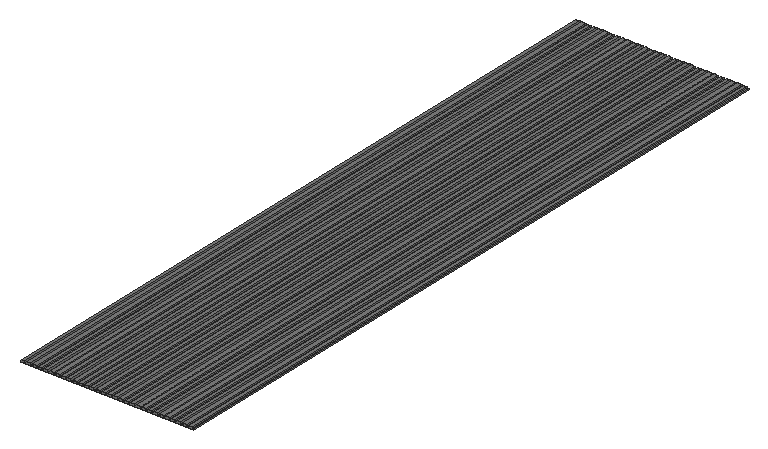
Revit family "111213072021710", category Modelos genéricos, Revit 2018
Family settings
  Puede alojar armadura = No
  Cota de conector redondo = Diámetro de uso
  Tipo de pieza = Normal
  Se basa en plano de trabajo = No
  Siempre vertical = No
  Corte con vacíos al cargar = No
  Compartido = No
  Punto de cálculo de habitación = No
Parameters (values of type "DESCANSO TITAN PVC 300MM GRIS OSCURO TIRA 1.2MT")
  Ventajas = "Autoextinguible"
  Uso = "Es un producto que se instala en los descansos de las escaleras, es una solución\r\nfabricada en PVC, ideal para zonas de medio y alto trafico, con estrías antideslizantes.\r\nIdeal para: Edificios Públicos y Privados, Colegios, Universidades, Centros comerciales,\r\nAeropuertos, Hoteles, Edificios Habitacionales, entre otros."
  Unidad = "Tiras de 1.20 Mts y 3.00 Mts."
  URL = "https://www.empresascnp.cl/"
  Num SKUs = "111213072021710"
  Nombre SKU = "DESCANSO TITAN PVC 300MM GRIS OSCURO TIRA 1.2MT"
  Modelo = "DESCANSO TITAN PVC 300MM"
  Material = PVC flexible gris oscuro
  Url Ficha tecnica = "https://empresascnp.cl/wp-content/uploads//pdf/ficha-tecnica-descanso-titan-pvc-300mm-amarillo-tira-1-2mt.pdf"
  Largo = 1200.00 mm
  Espesor = 4.00 mm
  Empresa = "CNP SPA."
  Dureza = "80 shore A"
  Dimension = 300.00 mm
  Descripción = "Descanso escalera Titan 30x1.20"
  Contacto = "info@empresascnp.cl"
  Color = "Gris oscuro"
  Aplicacion = "Escaleras"
  Alto = 4.00 mm
Reference planes
  plane 1 "Center F/B": y = 0
  plane 2: z = 0
  plane 3 "Center L/R": x = 0
  plane 4: z = -4
  plane 5 "2": y = 600
  plane 6 "3": y = -600
  plane 7: x = 300
  plane 8: z = -2
  plane 9 "4": x = 2
Forms (mm)
  Extrusion 1, solid, material "PVC flexible gris oscuro" <- "Material"
    sketch origin (0, 0, 0) x (1, 0, 0) y (0, 0, 1)
      loop
        line (300, 46) -> (298, 46) -> (298, 48) -> (292, 48) -> (292, 46) -> (288, 46) -> (288, 48) -> (282, 48) -> (282, 46) -> (278, 46) -> (278, 48) -> (272, 48) -> (272, 46) -> (268, 46) -> (268, 48) -> (262, 48) -> (262, 46) -> (258, 46) -> (258, 48) -> (252, 48) -> (252, 46) -> (248, 46) -> (248, 48) -> (242, 48) -> (242, 46) -> (238, 46) -> (238, 48) -> (232, 48) -> (232, 46) -> (228, 46) -> (228, 48) -> (222, 48) -> (222, 46) -> (218, 46) -> (218, 48) -> (212, 48) -> (212, 46) -> (208, 46) -> (208, 48) -> (202, 48) -> (202, 46) -> (198, 46) -> (198, 48) -> (192, 48) -> (192, 46) -> (188, 46) -> (188, 48) -> (182, 48) -> (182, 46) -> (178, 46) -> (178, 48) -> (172, 48) -> (172, 46) -> (168, 46) -> (168, 48) -> (162, 48) -> (162, 46) -> (158, 46) -> (158, 48) -> (152, 48) -> (152, 46) -> (148, 46) -> (148, 48) -> (142, 48) -> (142, 46) -> (138, 46) -> (138, 48) -> (132, 48) -> (132, 46) -> (128, 46) -> (128, 48) -> (122, 48) -> (122, 46) -> (118, 46) -> (118, 48) -> (112, 48) -> (112, 46) -> (108, 46) -> (108, 48) -> (102, 48) -> (102, 46) -> (98, 46) -> (98, 48) -> (92, 48) -> (92, 46) -> (88, 46) -> (88, 48) -> (82, 48) -> (82, 46) -> (78, 46) -> (78, 48) -> (72, 48) -> (72, 46) -> (68, 46) -> (68, 48) -> (62, 48) -> (62, 46) -> (58, 46) -> (58, 48) -> (52, 48) -> (52, 46) -> (48, 46) -> (48, 48) -> (42, 48) -> (42, 46) -> (38, 46) -> (38, 48) -> (32, 48) -> (32, 46) -> (28, 46) -> (28, 48) -> (22, 48) -> (22, 46) -> (18, 46) -> (18, 48) -> (12, 48) -> (12, 46) -> (8, 46) -> (8, 48) -> (2, 48) -> (2, 46) -> (0, 46) -> (0, 44) -> (300, 44) -> (300, 46)
    from -600 to 600
Dimensions and locks
  "Alto": level to plane 4
  equal spacing: plane 6 "3", plane 1 "Center F/B", plane 5 "2"
  "Largo": plane 6 "3" to plane 5 "2"
  "Dimension": plane 7 to plane 3 "Center L/R"
  aligned and locked: plane 6 "3" to Extrusion 1
  aligned and locked: Extrusion 1 to plane 5 "2"
Automatic sketch dimensions
  Extrusion 1 sketch curve to plane 4 = 48.00 mm
  Extrusion 1 sketch curve to plane 9 "4" = 2.00 mm
  Extrusion 1 sketch curve to Extrusion 1 sketch curve = 2.00 mm  (x34)
  Extrusion 1 sketch curve to Extrusion 1 sketch curve = 6.00 mm  (x29)
  Extrusion 1 sketch curve to Extrusion 1 sketch curve = 4.00 mm  (x28)
  Extrusion 1 sketch curve to plane 7 = 118.00 mm
  Extrusion 1 sketch curve to plane 7 = 112.00 mm
  Extrusion 1 sketch curve to plane 4 = 50.00 mm  (x29)
